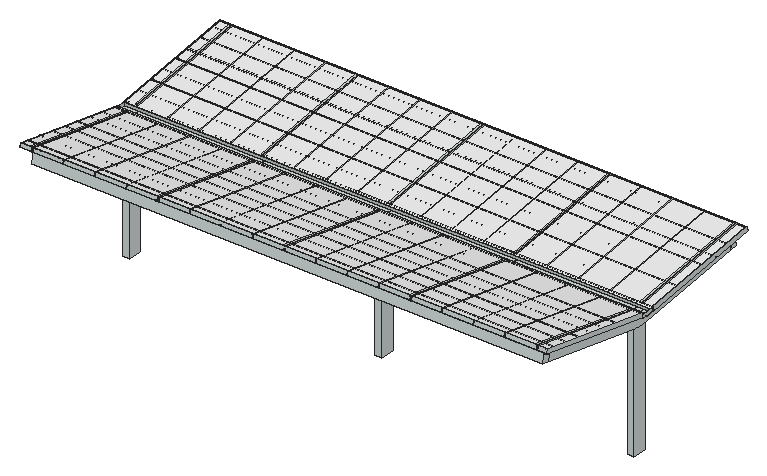
Revit family "Structures Unlimited Double Wing Canopy", category Generic Models, Revit 2018
Family settings
  Can host rebar = No
  Round Connector Dimension = Use Diameter
  Part Type = Normal
  Work Plane-Based = No
  Always vertical = Yes
  Cut with Voids When Loaded = No
  Shared = Yes
  Room Calculation Point = No
Parameters (values of type "KCRF Aluminum #79")
  Real Out To Out Of Box Beams Length [instance] = if(Out To Out Of Box Beams Length < 10' 0", 10' 0", if(Out To Out Of Box Beams Length > 200' 0", 200' 0", Out To Out Of Box Beams Length))  # 32' - 5"
  Out To Out Of Box Beams Span [instance] = 15' - 0"
  Vertical PD [instance] = (Real Out To Out Of Box Beams Span / 2 - 0' 0 1/2") / cos(Real Roof Pitch)  # 7' - 6.73393"
  URL = "https://www.structuresunlimitedinc.com/sui-3d-details/sui-double-wing-canopy-wide-column-spacing/"
  Roof Pitch [instance] = 9.46°
  Real Out To Out Of Box Beams Span [instance] = if(Out To Out Of Box Beams Span < 10' 0", 10' 0", if(Out To Out Of Box Beams Span > 24' 0", 24' 0", Out To Out Of Box Beams Span))  # 15' - 0"
  Real Roof Pitch [instance] = if(Roof Pitch < 9.46°, 9.46°, if(Roof Pitch > 45.00°, 45.00°, Roof Pitch))  # 9.46°
  Real Column Height [instance] = if(Column Height < 2' 0", 2' 0", if(Column Height > 12' 0", 12' 0", Column Height))  # 8' - 0"
  Center To Center Of Beams [instance] = Real Out To Out Of Box Beams Length - Beam Width  # 32' - 0"
  Panel Offset [instance] = (Real Out To Out Of Box Beams Span / 2 - 0' 5 1/2") / cos(Real Roof Pitch)  # 7' - 1.66499"
  Outside Of Column [instance] = Beam Height / 2  # 0' - 5"
  Outer Girder Length [instance] = Center To Center Of Beams + Beam Width  # 32' - 5"
  Out To Out Of Box Beams Length [instance] = 32' - 5"
  Number Of Intmdt Rafters [instance] = if(Column Spacing = Bay Spacing, Number Of Columns, Number Of Columns * 2 - 1)  # 5
  Number Of Columns [instance] = if((Center To Center Of Beams / Real Nominal Column Spacing) > 1, roundup(Center To Center Of Beams / Real Nominal Column Spacing) + 1, 2)  # 3
  Number Of Bays [instance] = Number Of Intmdt Rafters - 1  # 4
  Real Nominal Column Spacing [instance] = if(Nominal Column Spacing < 5' 0", 5' 0", if(Nominal Column Spacing > 20' 0", 20' 0", Nominal Column Spacing))  # 16' - 0"
  Nominal Column Spacing [instance] = 16' - 0"
  Model = "Double Wing Canopy"
  Manufacturer = "Structures Unlimited, Inc."
  Horizontal PD [instance] = Center To Center Of Beams + Beam Width + 1' 0"  # 33' - 5"
  Horizontal Grid Spacing [instance] = Bay Spacing / Grids Per Bay  # 2' - 0"
  Half Beam Width [instance] = Beam Width / 2  # 0' - 2 1/2"
  Grids Per Bay [instance] = Bay Spacing / 2' 0"  # 4
  Even Number Of Bays [instance] = roundup(Number Of Bays / 2) = rounddown(Number Of Bays / 2)  # yes
  Even Horizontal Grids Real [instance] = if(Even Number Of Bays, Even Number Of Bays, Even Horizontal Grids)  # yes
  Even Horizontal Grids [instance] = roundup(Grids Per Bay / 2) = rounddown(Grids Per Bay / 2)  # yes
  Column Spacing [instance] = Center To Center Of Beams / (Number Of Columns - 1)  # 16' - 0"
  Column Height [instance] = 8' - 0"
  Center Of Canopy [instance] = Center To Center Of Beams / 2  # 16' - 0"
  Center Girder Length [instance] = Center To Center Of Beams - Beam Width  # 31' - 7"
  KCRF = KCRF Aluminum #79
  Beam Width [instance] = 0' - 5"  # constant formula
  Beam Height [instance] = 0' - 10"  # constant formula
  Bay Spacing [instance] = if(Column Spacing > 10' 0", Column Spacing * 0.5, Column Spacing)  # 8' - 0"
Reference planes (in)
  plane 1 "Center (Front/Back)": y = 0
  plane 2: z = 0
  plane 3 "Center (Left/Right)": x = 0
  plane 4: z = 0
  plane 5: z = 96
  plane 6: x = 192
  plane 7: y = -90
  plane 8 "Front Roof Plane": through (0, 515.17994, 136.8903) normal (0, 0.1644, 0.9864)
  plane 9: y = 90
  plane 10 "Back Roof Plane": through (0, 649.65578, 363.85422) normal (0, -0.1644, 0.9864)
Lines and regions (in)
  reference lines
    curve 1: line (0, 0, 96) -> (0, -182.48411, 126.40642)
    curve 2: line (0, 0, 96) -> (0, 263.0281, 139.82706)
    curve 3: line (0, 90, 110.99625) -> (0, 110.70924, -13.29022)
    curve 4: line (0, -90, 110.99625) -> (0, -111.69539, -19.20863)
    curve 5: line (0, 71.30093, -297.98786) -> (0, 44.83913, -139.17736)
    curve 6: line (0, -44.54178, -137.3928) -> (0, -70.34614, -292.25769)
Dimensions and locks (in)
  "Real Column Height": plane 5 to plane 4
  "Center Of Canopy": plane 3 "Center (Left/Right)" to plane 6
  equal spacing: plane 7, plane 1 "Center (Front/Back)", plane 9
  "Real Out To Out Of Box Beams Span": plane 7 to plane 9
  locked: plane 1 "Center (Front/Back)" to curve 1 at 0
  locked: curve 1 to plane 5
  locked: curve 3 to plane 9 at 0
  locked: plane 7 to curve 4
  "Half Beam Width": plane 3 "Center (Left/Right)" to nested 1
  "Panel Offset": curve 3 to curve 5
  "Panel Offset": curve 6 to curve 4
  "Real Roof Pitch": angle plane 2 to plane 8 "Front Roof Plane"
  "Real Roof Pitch": angle plane 5 to curve 1
  "Real Roof Pitch": angle curve 2 to plane 5
  "Real Roof Pitch": angle plane 10 "Back Roof Plane" to plane 2
  locked: curve 3 to curve 2 (angle 90.00°)
  locked: curve 1 to curve 4 (angle 90.00°)
  "Real Roof Pitch": angle plane 1 "Center (Front/Back)" to curve 6
  "Real Roof Pitch": angle curve 5 to plane 1 "Center (Front/Back)"
  aligned and locked: plane 2 to level
  aligned and locked: nested 3 to plane 6
  aligned and locked: nested 2 to plane 6
  aligned and locked: plane 6 to nested 4
  aligned and locked: plane 1 "Center (Front/Back)" to nested 4
  aligned and locked: plane 5 to nested 4
  aligned and locked: plane 1 "Center (Front/Back)" to nested 1
  aligned and locked: curve 2 to nested 3
  aligned and locked: nested 3 to curve 3
  aligned and locked: nested 2 to curve 1
  aligned and locked: nested 2 to curve 4
  aligned and locked: plane 5 to nested 1
  aligned and locked: curve 1 to nested 6
  aligned and locked: nested 5 to curve 2
  aligned and locked: plane 6 to nested 5
  aligned and locked: nested 6 to plane 6
  aligned and locked: curve 5 to nested 5
  aligned and locked: nested 6 to curve 6
  aligned and locked: plane 1 "Center (Front/Back)" to nested 7
  aligned and locked: nested 7 to plane 3 "Center (Left/Right)"
  aligned and locked: plane 4 to nested 7
  aligned and locked: nested 8 to plane 3 "Center (Left/Right)"
  aligned and locked: plane 1 "Center (Front/Back)" to nested 8
  aligned and locked: plane 4 to nested 8
  aligned and locked: plane 4 to plane 2
Automatic sketch dimensions
  curve 5 to plane 9 = 1' - 6.69907"
  curve 5 to curve 6 = 0' - 1.78457"
Nested families (in)
  nested 1: "Double Wing Canopy Girders" at (192, 0, 86), Beam Height <- "Beam Height", Beam Width <- "Beam Width", CRF <- "KCRF", Girder Length <- "Center Girder Length", type "Double Wing Canopy Girders"
    with Girder Length 31' - 7", CRF KCRF Aluminum #79, Beam Width 0' - 5", Beam Height 0' - 10"
  nested 2: "Double Wing Canopy Girders" at (192, -89.17759, 100.72135) x (-1, 0, 0) z (0, 0.1644, 0.9864), Beam Height <- "Beam Height", Beam Width <- "Beam Width", CRF <- "KCRF", Girder Length <- "Outer Girder Length", type "Double Wing Canopy Girders"
    with Girder Length 32' - 5", CRF KCRF Aluminum #79, Beam Width 0' - 5", Beam Height 0' - 10"
  nested 3: "Double Wing Canopy Girders" at (192, 89.17759, 100.72135) x (-1, 0, 0) z (0, -0.1644, 0.9864), Beam Height <- "Beam Height", Beam Width <- "Beam Width", CRF <- "KCRF", Girder Length <- "Outer Girder Length", type "Double Wing Canopy Girders"
    with Girder Length 32' - 5", CRF KCRF Aluminum #79, Beam Width 0' - 5", Beam Height 0' - 10"
  nested 4: "Double Wing Canopy Gutter" at (192, 0, 96), Beam Width <- "Beam Width", Center To Center Of Beams <- "Center To Center Of Beams", Roof Pitch <- "Real Roof Pitch", CRF <- "KCRF", type "Double Wing Canopy Gutter"
    with Roof Pitch 9.46°, Gutter Length 33' - 5", Center To Center Of Beams 32' - 0", CRF KCRF Aluminum #79, Beam Width 0' - 5"
  nested 5: "Double Wing Canopy Roof Panels" at (192, 5.5, 96.91644) x (1, 0, 0) z (0, -0.1644, 0.9864), Bay Spacing <- "Bay Spacing", CRF <- "KCRF", Horizontal PD <- "Horizontal PD", Vertical PD <- "Vertical PD", Even Bays <- "Even Number Of Bays", Horizontal Grid Spacing <- "Horizontal Grid Spacing", Even Grids <- "Even Horizontal Grids Real", type "Double Wing Canopy Roof Panels"
    with Vertical PD 7' - 6.73393", Vertical Grid Spacing 1' - 0", Panel Skin Thickness 0' - 0.063", Panel Angle 90.00°, Overlap Width 0' - 1 3/4", Overlap Offset 0' - 0 7/8", IBeam Width 0' - 0 1/2", IBeam Thickness 0' - 2 5/8", Horizontal PD 33' - 5", Horizontal Grid Spacing 2' - 0", Half IBeam Width 0' - 0 1/4", Half Horizontal PD 16' - 8 1/2", Grid Offset 0' - 0", Even Grids yes, Even Bays yes, CRF KCRF Aluminum #79, Bay Spacing 8' - 0", Batten Width 0' - 2", Batten Thickness 0' - 0 1/8", Batten Offset 0' - 0"
  nested 6: "Double Wing Canopy Roof Panels" at (192, -5.5, 96.91644) x (-1, 0, 0) z (0, 0.1644, 0.9864), Bay Spacing <- "Bay Spacing", CRF <- "KCRF", Horizontal PD <- "Horizontal PD", Vertical PD <- "Vertical PD", Even Bays <- "Even Number Of Bays", Horizontal Grid Spacing <- "Horizontal Grid Spacing", Even Grids <- "Even Horizontal Grids Real", type "Double Wing Canopy Roof Panels"
    with Vertical PD 7' - 6.73393", Vertical Grid Spacing 1' - 0", Panel Skin Thickness 0' - 0.063", Panel Angle 90.00°, Overlap Width 0' - 1 3/4", Overlap Offset 0' - 0 7/8", IBeam Width 0' - 0 1/2", IBeam Thickness 0' - 2 5/8", Horizontal PD 33' - 5", Horizontal Grid Spacing 2' - 0", Half IBeam Width 0' - 0 1/4", Half Horizontal PD 16' - 8 1/2", Grid Offset 0' - 0", Even Grids yes, Even Bays yes, CRF KCRF Aluminum #79, Bay Spacing 8' - 0", Batten Width 0' - 2", Batten Thickness 0' - 0 1/8", Batten Offset 0' - 0"
  nested 7: "Double Wing Canopy Columns" at (0, 0, 0) x (0, -1, 0) z (0, 0, 1), CRF <- "KCRF", Beam Height <- "Beam Height", Beam Width <- "Beam Width", CTR 2 CTR Of Beams <- "Center To Center Of Beams", Column Height <- "Real Column Height", Column Spacing <- "Column Spacing", Roof Pitch <- "Real Roof Pitch", Width Of Canopy <- "Real Out To Out Of Box Beams Span", type "Double Wing Canopy Columns"
    with Width Of Canopy 15' - 0", Void Width 15' - 7", Void Offset 8' - 0", Roof Pitch 9.46°, Half Beam Width 0' - 2 1/2", Column Spacing 16' - 0", Column Height 8' - 0", CTR 2 CTR Of Beams 32' - 0", CRF KCRF Aluminum #79, Beam Width 0' - 5", Beam Height 0' - 10"
  nested 8: "Double Wing Canopy Rafters" at (0, 0, 0) x (0, -1, 0) z (0, 0, 1), CRF <- "KCRF", Beam Height <- "Beam Height", Beam Width <- "Beam Width", CTR 2 CTR Of Beams <- "Center To Center Of Beams", Column Height <- "Real Column Height", Column Spacing <- "Bay Spacing", Roof Pitch <- "Real Roof Pitch", Width Of Canopy <- "Real Out To Out Of Box Beams Span", type "Double Wing Canopy Rafters"
    with Width Of Canopy 15' - 0", Void Width 7' - 7", Void Offset 4' - 0", Roof Pitch 9.46°, Half Beam Width 0' - 2 1/2", Column Spacing 8' - 0", Column Height 8' - 0", CTR 2 CTR Of Beams 32' - 0", CRF KCRF Aluminum #79, Beam Width 0' - 5", Beam Height 0' - 10"
Definition of nested family "Double Wing Canopy Girders"
  Parameters (values of type "Double Wing Canopy Girders")
    Girder Length [instance] = 17' - 1"
    Default Elevation = 4' - 0"
    CRF [instance] = none
    Beam Width [instance] = 0' - 5"
    Beam Height [instance] = 0' - 10"
  Reference planes (in)
    plane 1 "Center (Front/Back)": y = 0
    plane 2: z = 0
    plane 3 "Center (Left/Right)": x = 0
    plane 4: x = -102.5
    plane 5: x = 102.5
    plane 6: y = -2.5
    plane 7: y = 2.5
    plane 8: z = 10
  Forms (in)
    Extrusion 1, solid, material <- "CRF"
      sketch origin (0, 0, 0) x (0, 1, 0) y (0, 0, 1)
        loop
          line (2.5, 10) -> (-2.5, 10) -> (-2.5, 0) -> (2.5, 0) -> (2.5, 10)
      from -102.5 to 102.5
  Dimensions and locks (in)
    equal spacing: plane 7, plane 1 "Center (Front/Back)", plane 6
    equal spacing: plane 4, plane 3 "Center (Left/Right)", plane 5
    "Beam Width": plane 7 to plane 6
    "Girder Length": plane 4 to plane 5
    "Beam Height": plane 8 to plane 2
    aligned and locked: level to plane 2
    aligned and locked: Extrusion 1 sketch curve to plane 8
    aligned and locked: plane 6 to Extrusion 1 sketch curve
    aligned and locked: Extrusion 1 sketch curve to plane 7
    aligned and locked: plane 2 to Extrusion 1 sketch curve
    aligned and locked: Extrusion 1 to plane 4
    aligned and locked: plane 5 to Extrusion 1
Definition of nested family "Double Wing Canopy Gutter"
  Parameters (values of type "Double Wing Canopy Gutter")
    Roof Pitch [instance] = 15.00°
    Gutter Length [instance] = Center To Center Of Beams + Beam Width + 1' 0"  # 34' - 9"
    Center To Center Of Beams [instance] = 33' - 4"
    CRF [instance] = none
    Beam Width [instance] = 0' - 5"
  Reference planes (in)
    plane 1 "Center (Front/Back)": y = 0
    plane 2: z = 0
    plane 3 "Center (Left/Right)": x = 0
    plane 4: x = -208.5
    plane 5: x = 208.5
    plane 6: y = 5.5
    plane 7: y = -5.5
  Forms (in)
    Extrusion 1, solid, material <- "CRF"
      sketch origin (0, 0, 0) x (0, 1, 0) y (0, 0, 1)
        loop
          line (6.49828, 1.6118) -> (6.46593, 1.73254) -> (0, 0) -> (-6.46593, 1.73254) -> (-6.49828, 1.6118) -> (0, -0.12941) -> (6.49828, 1.6118)
      from -208.5 to 208.5
    Extrusion 2, solid, material <- "CRF"
      sketch origin (0, 0, 0) x (0, 1, 0) y (0, 0, 1)
        loop
          line (3.93037, 1.05314) -> (3.26715, 3.52832) -> (4.83678, 3.94891) -> (4.80442, 4.06965) -> (3.11405, 3.61671) -> (3.77728, 1.14153) -> (0, 0.12941) -> (-3.77728, 1.14153) -> (-3.11405, 3.61671) -> (-4.80442, 4.06965) -> (-4.83678, 3.94891) -> (-3.26715, 3.52832) -> (-3.93037, 1.05314) -> (0, 0) -> (3.93037, 1.05314)
      from -208.375 to 208.375
    Extrusion 3, solid, material <- "CRF"
      sketch origin (0, 0, 0) x (0, 1, 0) y (0, 0, 1)
        loop
          line (4.80442, 4.06965) -> (0, 2.7823) -> (-4.80442, 4.06965) -> (-5.5, 1.47372) -> (0, 0) -> (5.5, 1.47372) -> (4.80442, 4.06965)
      from 208.375 to 208.5
    Extrusion 4, solid, material <- "CRF"
      sketch origin (0, 0, 0) x (0, 1, 0) y (0, 0, 1)
        loop
          line (5.5, 1.47372) -> (4.80442, 4.06965) -> (0, 2.7823) -> (-4.80442, 4.06965) -> (-5.5, 1.47372) -> (0, 0) -> (5.5, 1.47372)
      from -208.5 to -208.375
  Lines and regions (in)
    reference lines
      curve 1: line (0, 0, 0) -> (0, -66.64888, 17.85851)
      curve 2: line (0, 0, 0) -> (0, 52.15999, 13.97623)
      curve 3: line (0, 5.5, 1.47372) -> (0, 21.28796, -57.44775)
      curve 4: line (0, -5.5, 1.47372) -> (0, -21.02914, -56.48183)
  Dimensions and locks (in)
    equal spacing: plane 4, plane 3 "Center (Left/Right)", plane 5
    "Gutter Length": plane 4 to plane 5
    equal spacing: plane 6, plane 1 "Center (Front/Back)", plane 7
    locked: plane 6 to plane 1 "Center (Front/Back)" at 5.5
    locked: curve 1 to plane 2 at 0
    locked: plane 1 "Center (Front/Back)" to curve 1 at 0
    locked: curve 3 to plane 6 at 0
    locked: plane 7 to curve 4 at 0
    locked: curve 4 to Extrusion 1 sketch curve at 1
    locked: Extrusion 1 sketch curve to curve 3 at 1
    locked: curve 2 to Extrusion 1 sketch curve at 0.125
    locked: curve 1 to Extrusion 1 sketch curve at 0.125
    locked: Extrusion 2 sketch curve to curve 2 at 0.125
    locked: curve 1 to Extrusion 2 sketch curve at 0.125
    locked: Extrusion 2 sketch curve to curve 2 at 2.6875
    locked: curve 1 to Extrusion 2 sketch curve at 2.6875
    locked: Extrusion 2 sketch curve to Extrusion 2 sketch curve at 0.125  (x4)
    locked: curve 3 to Extrusion 2 sketch curve at 1.75
    locked: Extrusion 2 sketch curve to curve 4 at 1.75
    locked: Extrusion 3 sketch curve to curve 2 at 2.6875
    locked: curve 1 to Extrusion 3 sketch curve at 2.6875
    locked: Extrusion 3 to plane 5 at 0.125
    locked: Extrusion 4 sketch curve to curve 2 at 2.6875
    locked: curve 1 to Extrusion 4 sketch curve at 2.6875
    locked: plane 4 to Extrusion 4 at 0.125
    locked: plane 4 to Extrusion 2 at 0.125
    locked: Extrusion 2 to plane 5 at 0.125
    "Roof Pitch": angle plane 2 to curve 1
    "Roof Pitch": angle curve 2 to plane 2
    locked: curve 1 to curve 4 (angle 90.00°)
    locked: curve 3 to curve 2 (angle 90.00°)
    aligned and locked: plane 2 to level
    aligned and locked: Extrusion 1 sketch curve to curve 2
    aligned and locked: Extrusion 1 sketch curve to curve 1
    aligned and locked: Extrusion 1 to plane 4
    aligned and locked: plane 5 to Extrusion 1
    aligned and locked: Extrusion 2 sketch curve to curve 2
    aligned and locked: Extrusion 2 sketch curve to curve 1
    aligned and locked: Extrusion 2 sketch curve to curve 3
    aligned and locked: curve 4 to Extrusion 2 sketch curve
    aligned and locked: curve 3 to Extrusion 3 sketch curve
    aligned and locked: curve 2 to Extrusion 3 sketch curve
    aligned and locked: Extrusion 3 sketch curve to curve 1
    aligned and locked: Extrusion 3 sketch curve to curve 4
    aligned and locked: plane 5 to Extrusion 3
    aligned and locked: Extrusion 4 sketch curve to curve 2
    aligned and locked: Extrusion 4 sketch curve to curve 3
    aligned and locked: Extrusion 4 sketch curve to curve 1
    aligned and locked: Extrusion 4 sketch curve to curve 4
    aligned and locked: Extrusion 4 to plane 4
Definition of nested family "Double Wing Canopy Roof Panels"
  Parameters (values of type "Double Wing Canopy Roof Panels")
    Vertical PD [instance] = 14' - 7"
    Vertical Grid Spacing [instance] = 1' - 0"  # constant formula
    Panel Skin Thickness [instance] = 0' - 0.063"  # constant formula
    Panel Angle [instance] = 90.00°
    Overlap Width [instance] = 0' - 1 3/4"  # constant formula
    Overlap Offset [instance] = Overlap Width / 2  # 0' - 0 7/8"
    IBeam Width [instance] = 0' - 0 1/2"  # constant formula
    IBeam Thickness [instance] = 0' - 2 5/8"  # constant formula
    Horizontal PD [instance] = 50' - 0"
    Horizontal Grid Spacing [instance] = 2' - 0"
    Half IBeam Width [instance] = IBeam Width / 2  # 0' - 0 1/4"
    Half Horizontal PD [instance] = Horizontal PD / 2  # 25' - 0"
    Grid Offset [instance] = if(Even Grids, 0' 0", Horizontal Grid Spacing / 2)  # 1' - 0"
    Even Grids [instance] = no
    Even Bays [instance] = yes
    Default Elevation = 4' - 0"
    CRF [instance] = none
    Bay Spacing [instance] = 8' - 0"
    Batten Width [instance] = 0' - 2"  # constant formula
    Batten Thickness [instance] = 0' - 0 1/8"  # constant formula
    Batten Offset [instance] = if(Even Bays, 0' 0", Bay Spacing / 2)  # 0' - 0"
  Reference planes (in)
    plane 1 "Center (Front/Back)": y = 0
    plane 2: z = 0
    plane 3 "Center (Left/Right)": x = 0
    plane 4 "Left Panel": x = -300
    plane 5 "Right Panel": x = 300
    plane 6: z = 0.063
    plane 7: z = 2.688
    plane 8: z = 2.751
    plane 9: y = -1.75
    plane 10 "Left Outside": x = -2000
    plane 11 "Right Outside": x = 2000
    plane 12: y = 0.25
    plane 13 "Max Top PD": y = 1080
    plane 14 "Max Left PD": x = -1976
    plane 15 "Max Right PD": x = 1976
    plane 16 "Top Outside": y = 1104
    plane 17: x = -36
    plane 18: x = -60
    plane 19: x = -84
    plane 20: x = -108
    plane 21: x = -132
    plane 22: x = -156
    plane 23: x = -180
    plane 24: x = -204
    plane 25: x = 12
    plane 26: x = 36
    plane 27: x = 60
    plane 28: x = 84
    plane 29: x = 108
    plane 30: x = 132
    plane 31: x = 156
    plane 32: x = 180
    plane 33: x = 204
    plane 34: x = -228
    plane 35: x = -252
    plane 36: x = 228
    plane 37: x = -276
    plane 38: x = -300
    plane 39: x = -324
    plane 40: x = -348
    plane 41: x = -372
    plane 42: x = -396
    plane 43: x = -420
    plane 44: x = 252
    plane 45: x = 276
    plane 46: x = 300
    plane 47: x = 324
    plane 48: x = 348
    plane 49: x = 372
    plane 50: x = 396
    plane 51: y = 12.25
    plane 52: y = 24.25
    plane 53: y = 36.25
    plane 54: y = 48.25
    plane 55: y = 60.25
    plane 56: y = 72.25
    plane 57: y = 84.25
    plane 58: y = 96.25
    plane 59: y = 108.25
    plane 60: z = 2.876
    plane 61: z = -0.125
    plane 62 "Bot Max": y = -36
    plane 63 "Bot Outside": y = -48
    plane 64: x = -444
    plane 65: x = -468
    plane 66: x = 420
    plane 67: x = 444
    plane 68: y = 120.25
    plane 69: y = 132.25
    plane 70: y = 144.25
    plane 71: y = 156.25
    plane 72: y = 168.25
    plane 73: y = 180.25
    plane 74: y = 192.25
    plane 75: y = 204.25
    plane 76: y = 216.25
    plane 77: y = 228.25
    plane 78: y = 240.25
    plane 79: y = 252.25
    plane 80: y = 264.25
    plane 81: y = 276.25
    plane 82: y = 288.25
    plane 83: y = 300.25
    plane 84: y = 312.25
    plane 85: y = 324.25
    plane 86: y = 336.25
    plane 87: y = 348.25
    plane 88: y = 360.25
    plane 89: y = 372.25
    plane 90: y = 384.25
    plane 91: y = 396.25
    plane 92: y = 408.25
    plane 93: y = 420.25
    plane 94: y = 432.25
    plane 95: y = 444.25
    plane 96: y = 456.25
    plane 97: y = 468.25
    plane 98: y = 480.25
    plane 99: y = 492.25
    plane 100: y = 504.25
    plane 101: y = 516.25
    plane 102: y = 528.25
    plane 103: x = -492
    plane 104: x = -516
    plane 105: x = -540
    plane 106: x = -564
    plane 107: x = -588
    plane 108: x = -612
    plane 109: x = -636
    plane 110: x = -660
    plane 111: x = -684
    plane 112: x = -708
    plane 113: x = -732
    plane 114: x = -756
    plane 115: x = 468
    plane 116: x = 492
    plane 117: x = 540
    plane 118: x = 516
    plane 119: x = 564
    plane 120: x = 588
    plane 121: x = 636
    plane 122: x = 612
    plane 123: x = 660
    plane 124: x = 684
    plane 125: x = 708
    plane 126: x = 732
    plane 127: y = 540.25
    plane 128: y = 552.25
    plane 129: y = 564.25
    plane 130: y = 576.25
    plane 131: y = 588.25
    plane 132: y = 600.25
    plane 133: y = 612.25
    plane 134: y = 624.25
    plane 135: y = 636.25
    plane 136: y = 648.25
    plane 137: y = 660.25
    plane 138: y = 684.25
    plane 139: y = 696.25
    plane 140: y = 672.25
    plane 141: y = 708.25
    plane 142: y = 720.25
    plane 143: y = 744.25
    plane 144: y = 732.25
    plane 145: y = 768.25
    plane 146: y = 756.25
    plane 147: y = 780.25
    plane 148: y = 804.25
    plane 149: y = 792.25
    plane 150: y = 816.25
    plane 151: y = 828.25
    plane 152: y = 840.25
    plane 153: y = 852.25
    plane 154: y = 864.25
    plane 155: y = 876.25
    plane 156: y = 888.25
    plane 157: y = 900.25
    plane 158: y = 912.25
    plane 159: y = 936.25
    plane 160: y = 948.25
    plane 161: y = 960.25
    plane 162: y = 924.25
    plane 163: x = -780
    plane 164: x = -804
    plane 165: x = -828
    plane 166: x = -852
    plane 167: x = -876
    plane 168: x = -900
    plane 169: x = -924
    plane 170: x = -948
    plane 171: x = -972
    plane 172: x = 756
    plane 173: x = 780
    plane 174: x = 804
    plane 175: x = 828
    plane 176: x = 852
    plane 177: x = 876
    plane 178: x = 900
    plane 179: x = 924
    plane 180: x = 948
    plane 181: x = -996
    plane 182: x = -1020
    plane 183: x = -1044
    plane 184: x = -1068
    plane 185: x = 972
    plane 186: x = 996
    plane 187: x = 1020
    plane 188: x = 1044
    plane 189: x = -1092
    plane 190: x = -1116
    plane 191: x = -1140
    plane 192: x = -1164
    plane 193: x = 1068
    plane 194: x = 1092
    plane 195: x = 1116
    plane 196: x = 1140
    plane 197: x = -1188
    plane 198: x = -1212
    plane 199: x = -1236
    plane 200: x = 1188
    plane 201: x = 1164
    plane 202: x = 1212
    plane 203: y = 175.25
    plane 204: x = -1152
    plane 205: x = -1056
    plane 206: x = -960
    plane 207: x = -864
    plane 208: x = -768
    plane 209: x = -672
    plane 210: x = -576
    plane 211: x = -480
    plane 212: x = -384
    plane 213: x = -288
    plane 214: x = -192
    plane 215: x = -96
    plane 216: x = 0
    plane 217: x = 96
    plane 218: x = 192
    plane 219: x = 288
    plane 220: x = 384
    plane 221: x = 480
    plane 222: x = 576
    plane 223: x = 672
    plane 224: x = 768
    plane 225: x = 864
    plane 226: x = 960
    plane 227: x = 1056
    plane 228: x = 1152
    plane 229: x = 1248
    plane 230: x = -12
  Forms (in)
    Extrusion 1, solid
      sketch origin (0, 0, 0) x (1, 0, 0) y (0, 1, 0)
        loop
          line (1976, 0) -> (1976, 1080) -> (-1976, 1080) -> (-1976, 0) -> (1976, 0)
      from 0.063 to 0
    Extrusion 2, solid
      sketch origin (0, 0, 0) x (1, 0, 0) y (0, 1, 0)
        loop
          line (1976, -1.75) -> (1976, 1080) -> (-1976, 1080) -> (-1976, -1.75) -> (1976, -1.75)
      from 2.688 to 2.751
    Sweep 3, solid
      path origin (0, 0, 0) x (1, 0, 0) y (0, 1, 0)
        loop
          line (1976, 1080) -> (1976, 0.25) -> (1212, 0.25) -> (1212, 1080) -> (1188, 1080) -> (1188, 0.25) -> (1164, 0.25) -> (1164, 1080) -> (1140, 1080) -> (1140, 0.25) -> (1116, 0.25) -> (1116, 1080) -> (1092, 1080) -> (1092, 0.25) -> (1068, 0.25) -> (1068, 1080) -> (1044, 1080) -> (1044, 0.25) -> (1020, 0.25) -> (1020, 1080) -> (996, 1080) -> (996, 0.25) -> (972, 0.25) -> (972, 1080) -> (948, 1080) -> (948, 0.25) -> (924, 0.25) -> (924, 1080) -> (900, 1080) -> (900, 0.25) -> (876, 0.25) -> (876, 1080) -> (852, 1080) -> (852, 0.25) -> (828, 0.25) -> (828, 1080) -> (804, 1080) -> (804, 0.25) -> (780, 0.25) -> (780, 1080) -> (756, 1080) -> (756, 0.25) -> (732, 0.25) -> (732, 1080) -> (708, 1080) -> (708, 0.25) -> (684, 0.25) -> (684, 1080) -> (660, 1080) -> (660, 0.25) -> (636, 0.25) -> (636, 1080) -> (612, 1080) -> (612, 0.25) -> (588, 0.25) -> (588, 1080) -> (564, 1080) -> (564, 0.25) -> (540, 0.25) -> (540, 1080) -> (516, 1080) -> (516, 0.25) -> (492, 0.25) -> (492, 1080) -> (468, 1080) -> (468, 0.25) -> (444, 0.25) -> (444, 1080) -> (420, 1080) -> (420, 0.25) -> (396, 0.25) -> (396, 1080) -> (372, 1080) -> (372, 0.25) -> (348, 0.25) -> (348, 1080) -> (324, 1080) -> (324, 0.25) -> (300, 0.25) -> (300, 1080) -> (276, 1080) -> (276, 0.25) -> (252, 0.25) -> (252, 1080) -> (228, 1080) -> (228, 0.25) -> (204, 0.25) -> (204, 1080) -> (180, 1080) -> (180, 0.25) -> (156, 0.25) -> (156, 1080) -> (132, 1080) -> (132, 0.25) -> (108, 0.25) -> (108, 1080) -> (84, 1080) -> (84, 0.25) -> (60, 0.25) -> (60, 1080) -> (36, 1080) -> (36, 0.25) -> (12, 0.25) -> (12, 1080) -> (-12, 1080) -> (-12, 0.25) -> (-36, 0.25) -> (-36, 1080) -> (-60, 1080) -> (-60, 0.25) -> (-84, 0.25) -> (-84, 1080) -> (-108, 1080) -> (-108, 0.25) -> (-132, 0.25) -> (-132, 1080) -> (-156, 1080) -> (-156, 0.25) -> (-180, 0.25) -> (-180, 1080) -> (-204, 1080) -> (-204, 0.25) -> (-228, 0.25) -> (-228, 1080) -> (-252, 1080) -> (-252, 0.25) -> (-276, 0.25) -> (-276, 1080) -> (-300, 1080) -> (-300, 0.25) -> (-324, 0.25) -> (-324, 1080) -> (-348, 1080) -> (-348, 0.25) -> (-372, 0.25) -> (-372, 1080) -> (-396, 1080) -> (-396, 0.25) -> (-420, 0.25) -> (-420, 1080) -> (-444, 1080) -> (-444, 0.25) -> (-468, 0.25) -> (-468, 1080) -> (-492, 1080) -> (-492, 0.25) -> (-516, 0.25) -> (-516, 1080) -> (-540, 1080) -> (-540, 0.25) -> (-564, 0.25) -> (-564, 1080) -> (-588, 1080) -> (-588, 0.25) -> (-612, 0.25) -> (-612, 1080) -> (-636, 1080) -> (-636, 0.25) -> (-660, 0.25) -> (-660, 1080) -> (-684, 1080) -> (-684, 0.25) -> (-708, 0.25) -> (-708, 1080) -> (-732, 1080) -> (-732, 0.25) -> (-756, 0.25) -> (-756, 1080) -> (-780, 1080) -> (-780, 0.25) -> (-804, 0.25) -> (-804, 1080) -> (-828, 1080) -> (-828, 0.25) -> (-852, 0.25) -> (-852, 1080) -> (-876, 1080) -> (-876, 0.25) -> (-900, 0.25) -> (-900, 1080) -> (-924, 1080) -> (-924, 0.25) -> (-948, 0.25) -> (-948, 1080) -> (-972, 1080) -> (-972, 0.25) -> (-996, 0.25) -> (-996, 1080) -> (-1020, 1080) -> (-1020, 0.25) -> (-1044, 0.25) -> (-1044, 1080) -> (-1068, 1080) -> (-1068, 0.25) -> (-1092, 0.25) -> (-1092, 1080) -> (-1116, 1080) -> (-1116, 0.25) -> (-1140, 0.25) -> (-1140, 1080) -> (-1164, 1080) -> (-1164, 0.25) -> (-1188, 0.25) -> (-1188, 1080) -> (-1212, 1080) -> (-1212, 0.25) -> (-1236, 0.25) -> (-1236, 1080) -> (-1976, 1080) -> (-1976, 0.25)
      profile origin (-1976, 540.125, 0) x (1, 0, 0) y (0, 0, 1)
        loop
          line (0.25, 0.063) -> (0.25, 2.688) -> (-0.25, 2.688) -> (-0.25, 0.063) -> (0.25, 0.063)
    Sweep 4, solid
      path origin (0, 0, 0) x (1, 0, 0) y (0, 1, 0)
        loop
          line (1976, 1080) -> (-1976, 1080) -> (-1976, 960.25) -> (1976, 960.25) -> (1976, 948.25) -> (-1976, 948.25) -> (-1976, 936.25) -> (1976, 936.25) -> (1976, 924.25) -> (-1976, 924.25) -> (-1976, 912.25) -> (1976, 912.25) -> (1976, 900.25) -> (-1976, 900.25) -> (-1976, 888.25) -> (1976, 888.25) -> (1976, 876.25) -> (-1976, 876.25) -> (-1976, 864.25) -> (1976, 864.25) -> (1976, 852.25) -> (-1976, 852.25) -> (-1976, 840.25) -> (1976, 840.25) -> (1976, 828.25) -> (-1976, 828.25) -> (-1976, 816.25) -> (1976, 816.25) -> (1976, 804.25) -> (-1976, 804.25) -> (-1976, 792.25) -> (1976, 792.25) -> (1976, 780.25) -> (-1976, 780.25) -> (-1976, 768.25) -> (1976, 768.25) -> (1976, 756.25) -> (-1976, 756.25) -> (-1976, 744.25) -> (1976, 744.25) -> (1976, 732.25) -> (-1976, 732.25) -> (-1976, 720.25) -> (1976, 720.25) -> (1976, 708.25) -> (-1976, 708.25) -> (-1976, 696.25) -> (1976, 696.25) -> (1976, 684.25) -> (-1976, 684.25) -> (-1976, 672.25) -> (1976, 672.25) -> (1976, 660.25) -> (-1976, 660.25) -> (-1976, 648.25) -> (1976, 648.25) -> (1976, 636.25) -> (-1976, 636.25) -> (-1976, 624.25) -> (1976, 624.25) -> (1976, 612.25) -> (-1976, 612.25) -> (-1976, 600.25) -> (1976, 600.25) -> (1976, 588.25) -> (-1976, 588.25) -> (-1976, 576.25) -> (1976, 576.25) -> (1976, 564.25) -> (-1976, 564.25) -> (-1976, 552.25) -> (1976, 552.25) -> (1976, 540.25) -> (-1976, 540.25) -> (-1976, 528.25) -> (1976, 528.25) -> (1976, 516.25) -> (-1976, 516.25) -> (-1976, 504.25) -> (1976, 504.25) -> (1976, 492.25) -> (-1976, 492.25) -> (-1976, 480.25) -> (1976, 480.25) -> (1976, 468.25) -> (-1976, 468.25) -> (-1976, 456.25) -> (1976, 456.25) -> (1976, 444.25) -> (-1976, 444.25) -> (-1976, 432.25) -> (1976, 432.25) -> (1976, 420.25) -> (-1976, 420.25) -> (-1976, 408.25) -> (1976, 408.25) -> (1976, 396.25) -> (-1976, 396.25) -> (-1976, 384.25) -> (1976, 384.25) -> (1976, 372.25) -> (-1976, 372.25) -> (-1976, 360.25) -> (1976, 360.25) -> (1976, 348.25) -> (-1976, 348.25) -> (-1976, 336.25) -> (1976, 336.25) -> (1976, 324.25) -> (-1976, 324.25) -> (-1976, 312.25) -> (1976, 312.25) -> (1976, 300.25) -> (-1976, 300.25) -> (-1976, 288.25) -> (1976, 288.25) -> (1976, 276.25) -> (-1976, 276.25) -> (-1976, 264.25) -> (1976, 264.25) -> (1976, 252.25) -> (-1976, 252.25) -> (-1976, 240.25) -> (1976, 240.25) -> (1976, 228.25) -> (-1976, 228.25) -> (-1976, 216.25) -> (1976, 216.25) -> (1976, 204.25) -> (-1976, 204.25) -> (-1976, 192.25) -> (1976, 192.25) -> (1976, 180.25) -> (-1976, 180.25) -> (-1976, 168.25) -> (1976, 168.25) -> (1976, 156.25) -> (-1976, 156.25) -> (-1976, 144.25) -> (1976, 144.25) -> (1976, 132.25) -> (-1976, 132.25) -> (-1976, 120.25) -> (1976, 120.25) -> (1976, 108.25) -> (-1976, 108.25) -> (-1976, 96.25) -> (1976, 96.25) -> (1976, 84.25) -> (-1976, 84.25) -> (-1976, 72.25) -> (1976, 72.25) -> (1976, 60.25) -> (-1976, 60.25) -> (-1976, 48.25) -> (1976, 48.25) -> (1976, 36.25) -> (-1976, 36.25) -> (-1976, 24.25) -> (1976, 24.25) -> (1976, 12.25) -> (-1976, 12.25) -> (-1976, 0.25) -> (1976, 0.25)
      profile origin (0, 0.25, 0) x (0, 1, 0) y (0, 0, 1)
        loop
          line (-0.25, 2.688) -> (-0.25, 0.063) -> (0.25, 0.063) -> (0.25, 2.688) -> (-0.25, 2.688)
    Extrusion 5, void
      sketch origin (0, 0, 0) x (1, 0, 0) y (0, 1, 0)
        loop
          line (-300, -1.75) -> (-300, 175.25) -> (300, 175.25) -> (300, -1.75) -> (2000, -1.75) -> (2000, 1104) -> (-2000, 1104) -> (-2000, -1.75) -> (-300, -1.75)
      from -0.125 to 2.876
    Extrusion 6, void
      sketch origin (0, 0, 0) x (1, 0, 0) y (0, 1, 0)
        loop
          line (-2000, -48) -> (2000, -48) -> (2000, 0) -> (-2000, 0) -> (-2000, -48)
      from -0.125 to 2.876
    Sweep 7, solid, material <- "CRF"
      path origin (0, 0, 0) x (1, 0, 0) y (0, 1, 0)
        loop
          line (1976, 1079.125) -> (-1976, 1079.125) -> (-1976, 959.375) -> (1976, 959.375) -> (1976, 899.375) -> (-1976, 899.375) -> (-1976, 839.375) -> (1976, 839.375) -> (1976, 779.375) -> (-1976, 779.375) -> (-1976, 719.375) -> (1976, 719.375) -> (1976, 659.375) -> (-1976, 659.375) -> (-1976, 599.375) -> (1976, 599.375) -> (1976, 539.375) -> (-1976, 539.375) -> (-1976, 479.375) -> (1976, 479.375) -> (1976, 419.375) -> (-1976, 419.375) -> (-1976, 359.375) -> (1976, 359.375) -> (1976, 299.375) -> (-1976, 299.375) -> (-1976, 239.375) -> (1976, 239.375) -> (1976, 179.375) -> (-1976, 179.375) -> (-1976, 119.375) -> (1976, 119.375) -> (1976, 59.375) -> (-1976, 59.375)
      profile origin (0, 59.375, 0) x (0, -1, 0) y (0, 0, 1)
        loop
          line (-0.875, 2.688) -> (-0.875, -0.125) -> (0.875, -0.125) -> (0.875, 2.688) -> (-0.875, 2.688)
    Sweep 8, solid, material <- "CRF"
      path origin (0, 0, 0) x (1, 0, 0) y (0, 1, 0)
        loop
          line (1976, -36) -> (1976, 1080) -> (1248, 1080) -> (1248, -36) -> (1152, -36) -> (1152, 1080) -> (1056, 1080) -> (1056, -36) -> (960, -36) -> (960, 1080) -> (864, 1080) -> (864, -36) -> (768, -36) -> (768, 1080) -> (672, 1080) -> (672, -36) -> (576, -36) -> (576, 1080) -> (480, 1080) -> (480, -36) -> (384, -36) -> (384, 1080) -> (288, 1080) -> (288, -36) -> (192, -36) -> (192, 1080) -> (96, 1080) -> (96, -36) -> (0, -36) -> (0, 1080) -> (-96, 1080) -> (-96, -36) -> (-192, -36) -> (-192, 1080) -> (-288, 1080) -> (-288, -36) -> (-384, -36) -> (-384, 1080) -> (-480, 1080) -> (-480, -36) -> (-576, -36) -> (-576, 1080) -> (-672, 1080) -> (-672, -36) -> (-768, -36) -> (-768, 1080) -> (-864, 1080) -> (-864, -36) -> (-960, -36) -> (-960, 1080) -> (-1056, 1080) -> (-1056, -36) -> (-1152, -36) -> (-1152, 1080) -> (-1976, 1080) -> (-1976, -36)
      profile origin (-1976, 522, 0) x (1, 0, 0) y (0, 0, 1)
        loop
          line (-1, 2.876) -> (-1, -0.125) -> (1, -0.125) -> (1, 2.876) -> (-1, 2.876)
    Sweep 9, solid, material <- "CRF"
      path origin (0, 0, 0) x (1, 0, 0) y (0, 1, 0)
        loop
          line (300, 0) -> (300, 175.25) -> (-300, 175.25) -> (-300, 0)
      profile origin (-300, 87.625, 0) x (1, 0, 0) y (0, 0, 1)
        loop
          line (0.5, -0.125) -> (0.5, 0) -> (0, 0) -> (0, 2.751) -> (0.5, 2.751) -> (0.5, 2.876) -> (-0.125, 2.876) -> (-0.125, -0.125) -> (0.5, -0.125)
  Cuts and joins
    Extrusion 5, Extrusion 6 cuts Sweep 4
    Extrusion 5, Extrusion 6 cuts Sweep 3
    Extrusion 5 cuts Extrusion 2
    Extrusion 5, Extrusion 6 cuts Extrusion 1
    Extrusion 5 cuts Sweep 7
    Extrusion 5, Extrusion 6 cuts Sweep 8
  Lines and regions (in)
    reference lines
      curve 1: line (-300, 0, 0) -> (-300, 318, 0)
      curve 2: line (300, 0, 0) -> (300, 456, 0)
  Dimensions and locks (in)
    locked: plane 1 "Center (Front/Back)" to curve 1
    locked: plane 4 "Left Panel" to curve 1
    locked: plane 5 "Right Panel" to curve 2
    locked: plane 1 "Center (Front/Back)" to curve 2 at 0
    "Panel Skin Thickness": plane 6 to plane 2
    "IBeam Thickness": plane 7 to plane 6
    "Panel Skin Thickness": plane 8 to plane 7
    "Half Horizontal PD": plane 4 "Left Panel" to plane 3 "Center (Left/Right)"
    "Half Horizontal PD": plane 3 "Center (Left/Right)" to plane 5 "Right Panel"
    "Overlap Width": plane 1 "Center (Front/Back)" to plane 9
    locked: plane 10 "Left Outside" to plane 3 "Center (Left/Right)" at 2000
    locked: plane 3 "Center (Left/Right)" to plane 11 "Right Outside" at 2000
    "Half IBeam Width": plane 1 "Center (Front/Back)" to plane 12
    locked: plane 1 "Center (Front/Back)" to plane 13 "Max Top PD" at 1080
    equal spacing: Sweep 3 sketch curve, profile plane, Sweep 3 sketch curve
    "IBeam Width": Sweep 3 sketch curve to Sweep 3 sketch curve
    "IBeam Width": Sweep 4 sketch curve to Sweep 4 sketch curve
    equal spacing: Sweep 4 sketch curve, plane 12, Sweep 4 sketch curve
    "Batten Thickness": plane 60 to plane 8
    "Batten Thickness": plane 2 to plane 61
    locked: plane 62 "Bot Max" to plane 1 "Center (Front/Back)" at 36
    locked: plane 63 "Bot Outside" to plane 1 "Center (Front/Back)" at 48
    "Vertical Grid Spacing": plane 102 to plane 101 to plane 100 to plane 99 to plane 98 to plane 97 to plane 96 to plane 95 to plane 94 to plane 93 to plane 92 to plane 91 to plane 90 to plane 89 to plane 88 to plane 87 to plane 86 to plane 85 to plane 84 to plane 83 to plane 82 to plane 81 to plane 80 to plane 79 to plane 78 to plane 77 to plane 76 to plane 75 to plane 74 to plane 73 to plane 72 to plane 71 to plane 70 to plane 69 to plane 68 to plane 59 to plane 58 to plane 57 to plane 56 to plane 55 to plane 54 to plane 53 to plane 52 to plane 51 to plane 12
    "Overlap Offset": Sweep 7 sketch curve to plane 55
    "Overlap Offset": plane 68 to Sweep 7 sketch curve
    "Overlap Offset": plane 73 to Sweep 7 sketch curve
    "Overlap Offset": plane 78 to Sweep 7 sketch curve
    "Overlap Offset": plane 83 to Sweep 7 sketch curve
    "Overlap Offset": Sweep 7 sketch curve to plane 88
    "Overlap Offset": plane 93 to Sweep 7 sketch curve
    "Overlap Offset": Sweep 7 sketch curve to plane 98
    "Overlap Offset": plane 13 "Max Top PD" to Sweep 7 sketch curve
    equal spacing: Sweep 7 sketch curve, profile plane, Sweep 7 sketch curve
    "Overlap Width": Sweep 7 sketch curve to Sweep 7 sketch curve
    locked: plane 10 "Left Outside" to plane 14 "Max Left PD" at 24
    locked: plane 15 "Max Right PD" to plane 11 "Right Outside" at 24
    locked: plane 16 "Top Outside" to plane 13 "Max Top PD" at 24
    "Vertical Grid Spacing": plane 102 to plane 127 to plane 128 to plane 129 to plane 130 to plane 131 to plane 132 to plane 133 to plane 134 to plane 135 to plane 136 to plane 137 to plane 140 to plane 138 to plane 139 to plane 141 to plane 142 to plane 144 to plane 143 to plane 146 to plane 145 to plane 147
    "Vertical Grid Spacing": plane 147 to plane 149 to plane 148 to plane 150 to plane 151 to plane 152 to plane 153 to plane 154 to plane 155 to plane 156 to plane 157 to plane 158 to plane 162 to plane 159 to plane 160 to plane 161
    "Overlap Offset": Sweep 7 sketch curve to plane 127
    "Overlap Offset": plane 132 to Sweep 7 sketch curve
    "Overlap Offset": Sweep 7 sketch curve to plane 137
    "Overlap Offset": Sweep 7 sketch curve to plane 142
    "Overlap Offset": Sweep 7 sketch curve to plane 147
    "Overlap Offset": Sweep 7 sketch curve to plane 152
    "Overlap Offset": plane 157 to Sweep 7 sketch curve
    "Overlap Offset": Sweep 7 sketch curve to plane 161
    "Vertical PD": plane 203 to plane 12
    "Batten Offset": plane 216 to plane 3 "Center (Left/Right)"
    "Bay Spacing": plane 204 to plane 205 to plane 206 to plane 207 to plane 208 to plane 209 to plane 210 to plane 211 to plane 212 to plane 213 to plane 214 to plane 215 to plane 216
    "Bay Spacing": plane 216 to plane 217 to plane 218 to plane 219 to plane 220 to plane 221 to plane 222 to plane 223 to plane 224 to plane 225 to plane 226 to plane 227 to plane 228
    equal spacing: Sweep 8 sketch curve, profile plane, Sweep 8 sketch curve
    "Batten Width": Sweep 8 sketch curve to Sweep 8 sketch curve
    "Bay Spacing": plane 228 to plane 229
    locked: Sweep 9 sketch curve to Sweep 9 sketch curve at 0.125  (x3)
    locked: Sweep 9 sketch curve to Sweep 9 sketch curve at 0.5
    "Grid Offset": plane 230 to plane 3 "Center (Left/Right)"
    "Horizontal Grid Spacing": plane 199 to plane 198 to plane 197 to plane 192 to plane 191 to plane 190 to plane 189 to plane 184 to plane 183 to plane 182 to plane 181 to plane 171 to plane 170 to plane 169 to plane 168 to plane 167 to plane 166 to plane 165 to plane 164 to plane 163 to plane 114 to plane 113 to plane 112 to plane 111 to plane 110 to plane 109 to plane 108 to plane 107 to plane 106 to plane 105 to plane 104 to plane 103 to plane 65 to plane 64 to plane 43 to plane 42 to plane 41 to plane 40 to plane 39 to plane 38 to plane 37 to plane 35 to plane 34 to plane 24 to plane 23 to plane 22 to plane 21 to plane 20 to plane 19 to plane 18 to plane 17 to plane 230
    "Horizontal Grid Spacing": plane 230 to plane 25 to plane 26 to plane 27 to plane 28 to plane 29 to plane 30 to plane 31 to plane 32 to plane 33 to plane 36 to plane 44 to plane 45 to plane 46 to plane 47 to plane 48 to plane 49 to plane 50 to plane 66 to plane 67 to plane 115 to plane 116 to plane 118 to plane 117 to plane 119 to plane 120 to plane 122 to plane 121 to plane 123 to plane 124 to plane 125 to plane 126 to plane 172 to plane 173 to plane 174 to plane 175 to plane 176 to plane 177 to plane 178 to plane 179 to plane 180 to plane 185 to plane 186 to plane 187 to plane 188 to plane 193 to plane 194 to plane 195 to plane 196 to plane 201 to plane 200 to plane 202
    "Panel Angle": angle plane 1 "Center (Front/Back)" to curve 1
    "Panel Angle": angle curve 2 to plane 1 "Center (Front/Back)"
    aligned and locked: level to plane 2
    aligned and locked: Extrusion 1 sketch curve to plane 1 "Center (Front/Back)"
    aligned and locked: plane 2 to Extrusion 1
    aligned and locked: Extrusion 1 to plane 6
    aligned and locked: Extrusion 2 sketch curve to plane 9
    aligned and locked: Extrusion 2 to plane 7
    aligned and locked: Extrusion 2 to plane 8
    aligned and locked: Sweep 3 sketch curve to plane 14 "Max Left PD"
    aligned and locked: Sweep 3 sketch curve to plane 13 "Max Top PD"  (x42)
    aligned and locked: Sweep 3 sketch curve to plane 42
    aligned and locked: Sweep 3 sketch curve to plane 41
    aligned and locked: Sweep 3 sketch curve to plane 40
    aligned and locked: Sweep 3 sketch curve to plane 39
    aligned and locked: Sweep 3 sketch curve to plane 38
    aligned and locked: Sweep 3 sketch curve to plane 37
    aligned and locked: Sweep 3 sketch curve to plane 35
    aligned and locked: Sweep 3 sketch curve to plane 34
    aligned and locked: Sweep 3 sketch curve to plane 24
    aligned and locked: Sweep 3 sketch curve to plane 23
    aligned and locked: Sweep 3 sketch curve to plane 22
    aligned and locked: Sweep 3 sketch curve to plane 21
    aligned and locked: Sweep 3 sketch curve to plane 20
    aligned and locked: Sweep 3 sketch curve to plane 19
    aligned and locked: Sweep 3 sketch curve to plane 18
    aligned and locked: Sweep 3 sketch curve to plane 17
    aligned and locked: Sweep 3 sketch curve to plane 25
    aligned and locked: Sweep 3 sketch curve to plane 26
    aligned and locked: Sweep 3 sketch curve to plane 27
    aligned and locked: Sweep 3 sketch curve to plane 28
    aligned and locked: Sweep 3 sketch curve to plane 29
    aligned and locked: Sweep 3 sketch curve to plane 30
    aligned and locked: Sweep 3 sketch curve to plane 31
    aligned and locked: Sweep 3 sketch curve to plane 32
    aligned and locked: Sweep 3 sketch curve to plane 33
    aligned and locked: Sweep 3 sketch curve to plane 36
    aligned and locked: Sweep 3 sketch curve to plane 44
    aligned and locked: Sweep 3 sketch curve to plane 45
    aligned and locked: Sweep 3 sketch curve to plane 46
    aligned and locked: Sweep 3 sketch curve to plane 47
    aligned and locked: Sweep 3 sketch curve to plane 48
    aligned and locked: Sweep 3 sketch curve to plane 49
    aligned and locked: Sweep 3 sketch curve to plane 50
    aligned and locked: Sweep 3 sketch curve to plane 12  (x42)
    aligned and locked: plane 12 to Sweep 3 sketch curve  (x11)
    aligned and locked: Sweep 3 sketch curve to plane 7
    aligned and locked: plane 6 to Sweep 3 sketch curve
    aligned and locked: Extrusion 2 sketch curve to plane 15 "Max Right PD"
    aligned and locked: plane 14 "Max Left PD" to Extrusion 2 sketch curve
    aligned and locked: Extrusion 2 sketch curve to plane 13 "Max Top PD"
    aligned and locked: plane 13 "Max Top PD" to Extrusion 1 sketch curve
    aligned and locked: Extrusion 1 sketch curve to plane 14 "Max Left PD"
    aligned and locked: Extrusion 1 sketch curve to plane 15 "Max Right PD"
    aligned and locked: Sweep 4 sketch curve to plane 12
    aligned and locked: Sweep 4 sketch curve to plane 51
    aligned and locked: Sweep 4 sketch curve to plane 52
    aligned and locked: Sweep 4 sketch curve to plane 53
    aligned and locked: Sweep 4 sketch curve to plane 54
    aligned and locked: Sweep 4 sketch curve to plane 55
    aligned and locked: Sweep 4 sketch curve to plane 56
    aligned and locked: Sweep 4 sketch curve to plane 57
    aligned and locked: Sweep 4 sketch curve to plane 58
    aligned and locked: Sweep 4 sketch curve to plane 59
    aligned and locked: Sweep 4 sketch curve to plane 13 "Max Top PD"
    aligned and locked: plane 15 "Max Right PD" to Sweep 4 sketch curve
    aligned and locked: plane 14 "Max Left PD" to Sweep 4 sketch curve  (x41)
    aligned and locked: Sweep 4 sketch curve to plane 15 "Max Right PD"  (x41)
    aligned and locked: plane 6 to Sweep 4 sketch curve
    aligned and locked: Sweep 4 sketch curve to plane 7
    aligned and locked: Extrusion 5 sketch curve to plane 16 "Top Outside"
    aligned and locked: plane 9 to Extrusion 5 sketch curve
    aligned and locked: Extrusion 5 sketch curve to plane 9
    aligned and locked: Extrusion 5 sketch curve to curve 1
    aligned and locked: Extrusion 5 sketch curve to curve 2
    aligned and locked: Extrusion 5 sketch curve to plane 11 "Right Outside"
    aligned and locked: plane 10 "Left Outside" to Extrusion 5 sketch curve
    aligned and locked: Extrusion 5 to plane 61
    aligned and locked: Extrusion 5 to plane 60
    aligned and locked: Extrusion 6 sketch curve to plane 1 "Center (Front/Back)"
    aligned and locked: plane 11 "Right Outside" to Extrusion 6 sketch curve
    aligned and locked: Extrusion 6 sketch curve to plane 10 "Left Outside"
    aligned and locked: Extrusion 6 sketch curve to plane 63 "Bot Outside"
    aligned and locked: plane 61 to Extrusion 6
    aligned and locked: plane 60 to Extrusion 6
    aligned and locked: Sweep 3 sketch curve to plane 65
    aligned and locked: Sweep 3 sketch curve to plane 64
    aligned and locked: Sweep 3 sketch curve to plane 43
    aligned and locked: Sweep 3 sketch curve to plane 66
    aligned and locked: Sweep 3 sketch curve to plane 67
    aligned and locked: Sweep 3 sketch curve to plane 15 "Max Right PD"
    aligned and locked: plane 13 "Max Top PD" to Sweep 3 sketch curve  (x11)
    aligned and locked: Sweep 4 sketch curve to plane 68
    aligned and locked: Sweep 4 sketch curve to plane 69
    aligned and locked: Sweep 4 sketch curve to plane 70
    aligned and locked: Sweep 4 sketch curve to plane 71
    aligned and locked: Sweep 4 sketch curve to plane 72
    aligned and locked: Sweep 4 sketch curve to plane 73
    aligned and locked: Sweep 4 sketch curve to plane 74
    aligned and locked: Sweep 4 sketch curve to plane 75
    aligned and locked: Sweep 4 sketch curve to plane 76
    aligned and locked: Sweep 4 sketch curve to plane 77
    aligned and locked: Sweep 4 sketch curve to plane 78
    aligned and locked: Sweep 4 sketch curve to plane 79
    aligned and locked: Sweep 4 sketch curve to plane 80
    aligned and locked: Sweep 4 sketch curve to plane 81
    aligned and locked: Sweep 4 sketch curve to plane 82
    aligned and locked: Sweep 4 sketch curve to plane 83
    aligned and locked: Sweep 4 sketch curve to plane 84
    aligned and locked: Sweep 4 sketch curve to plane 85
    aligned and locked: Sweep 4 sketch curve to plane 86
    aligned and locked: Sweep 4 sketch curve to plane 87
    aligned and locked: Sweep 4 sketch curve to plane 88
    aligned and locked: Sweep 4 sketch curve to plane 89
    aligned and locked: Sweep 4 sketch curve to plane 90
    aligned and locked: Sweep 4 sketch curve to plane 91
    aligned and locked: Sweep 4 sketch curve to plane 92
    aligned and locked: Sweep 4 sketch curve to plane 93
    aligned and locked: Sweep 4 sketch curve to plane 94
    aligned and locked: Sweep 4 sketch curve to plane 95
    aligned and locked: Sweep 4 sketch curve to plane 96
    aligned and locked: Sweep 4 sketch curve to plane 97
    aligned and locked: Sweep 4 sketch curve to plane 98
    aligned and locked: Sweep 4 sketch curve to plane 99
    aligned and locked: Sweep 4 sketch curve to plane 100
    aligned and locked: Sweep 4 sketch curve to plane 101
    aligned and locked: Sweep 4 sketch curve to plane 102
    aligned and locked: plane 14 "Max Left PD" to Sweep 7 sketch curve  (x9)
    aligned and locked: Sweep 7 sketch curve to plane 15 "Max Right PD"  (x9)
    aligned and locked: Sweep 7 sketch curve to plane 7
    aligned and locked: Sweep 7 sketch curve to plane 61
    aligned and locked: Sweep 3 sketch curve to plane 103
    aligned and locked: Sweep 3 sketch curve to plane 104
    aligned and locked: Sweep 3 sketch curve to plane 105
    aligned and locked: Sweep 3 sketch curve to plane 106
    aligned and locked: Sweep 3 sketch curve to plane 107
    aligned and locked: Sweep 3 sketch curve to plane 108
    aligned and locked: Sweep 3 sketch curve to plane 109
    aligned and locked: Sweep 3 sketch curve to plane 110
    aligned and locked: Sweep 3 sketch curve to plane 111
    aligned and locked: Sweep 3 sketch curve to plane 112
    aligned and locked: Sweep 3 sketch curve to plane 113
    aligned and locked: Sweep 3 sketch curve to plane 114
    aligned and locked: Sweep 3 sketch curve to plane 115
    aligned and locked: Sweep 3 sketch curve to plane 116
    aligned and locked: Sweep 3 sketch curve to plane 118
    aligned and locked: Sweep 3 sketch curve to plane 117
    aligned and locked: Sweep 3 sketch curve to plane 119
    aligned and locked: Sweep 3 sketch curve to plane 120
    aligned and locked: Sweep 3 sketch curve to plane 122
    aligned and locked: Sweep 3 sketch curve to plane 121
    aligned and locked: Sweep 3 sketch curve to plane 123
    aligned and locked: Sweep 3 sketch curve to plane 124
    aligned and locked: Sweep 3 sketch curve to plane 125
    aligned and locked: Sweep 3 sketch curve to plane 126
    aligned and locked: Sweep 4 sketch curve to plane 127
    aligned and locked: Sweep 4 sketch curve to plane 128
    aligned and locked: Sweep 4 sketch curve to plane 129
    aligned and locked: Sweep 4 sketch curve to plane 130
    aligned and locked: Sweep 4 sketch curve to plane 131
    aligned and locked: Sweep 4 sketch curve to plane 132
    aligned and locked: Sweep 4 sketch curve to plane 133
    aligned and locked: Sweep 4 sketch curve to plane 134
    aligned and locked: Sweep 4 sketch curve to plane 135
    aligned and locked: Sweep 4 sketch curve to plane 136
    aligned and locked: Sweep 4 sketch curve to plane 137
    aligned and locked: Sweep 4 sketch curve to plane 140
    aligned and locked: Sweep 4 sketch curve to plane 138
    aligned and locked: Sweep 4 sketch curve to plane 139
    aligned and locked: Sweep 4 sketch curve to plane 141
    aligned and locked: Sweep 4 sketch curve to plane 142
    aligned and locked: Sweep 4 sketch curve to plane 144
    aligned and locked: Sweep 4 sketch curve to plane 143
    aligned and locked: Sweep 4 sketch curve to plane 146
    aligned and locked: Sweep 4 sketch curve to plane 145
    aligned and locked: Sweep 4 sketch curve to plane 147
    aligned and locked: Sweep 4 sketch curve to plane 149
    aligned and locked: Sweep 4 sketch curve to plane 148
    aligned and locked: Sweep 4 sketch curve to plane 150
    aligned and locked: Sweep 4 sketch curve to plane 151
    aligned and locked: Sweep 4 sketch curve to plane 152
    aligned and locked: Sweep 4 sketch curve to plane 153
    aligned and locked: Sweep 4 sketch curve to plane 154
    aligned and locked: Sweep 4 sketch curve to plane 155
    aligned and locked: Sweep 4 sketch curve to plane 156
    aligned and locked: Sweep 4 sketch curve to plane 157
    aligned and locked: Sweep 4 sketch curve to plane 158
    aligned and locked: Sweep 4 sketch curve to plane 162
    aligned and locked: Sweep 4 sketch curve to plane 159
    aligned and locked: Sweep 4 sketch curve to plane 160
    aligned and locked: Sweep 4 sketch curve to plane 161
    aligned and locked: Sweep 3 sketch curve to plane 163
    aligned and locked: Sweep 3 sketch curve to plane 164
    aligned and locked: Sweep 3 sketch curve to plane 165
    aligned and locked: Sweep 3 sketch curve to plane 166
    aligned and locked: Sweep 3 sketch curve to plane 167
    aligned and locked: Sweep 3 sketch curve to plane 168
    aligned and locked: Sweep 3 sketch curve to plane 169
    aligned and locked: Sweep 3 sketch curve to plane 170
    aligned and locked: Sweep 3 sketch curve to plane 171
    aligned and locked: Sweep 3 sketch curve to plane 181
    aligned and locked: Sweep 3 sketch curve to plane 182
    aligned and locked: Sweep 3 sketch curve to plane 183
    aligned and locked: Sweep 3 sketch curve to plane 189
    aligned and locked: Sweep 3 sketch curve to plane 190
    aligned and locked: Sweep 3 sketch curve to plane 191
    aligned and locked: Sweep 3 sketch curve to plane 192
    aligned and locked: Sweep 3 sketch curve to plane 197
    aligned and locked: Sweep 3 sketch curve to plane 198
    aligned and locked: Sweep 3 sketch curve to plane 199
    aligned and locked: Sweep 3 sketch curve to plane 184
    aligned and locked: Sweep 3 sketch curve to plane 172
    aligned and locked: Sweep 3 sketch curve to plane 173
    aligned and locked: Sweep 3 sketch curve to plane 174
    aligned and locked: Sweep 3 sketch curve to plane 175
    aligned and locked: Sweep 3 sketch curve to plane 176
    aligned and locked: Sweep 3 sketch curve to plane 177
    aligned and locked: Sweep 3 sketch curve to plane 178
    aligned and locked: Sweep 3 sketch curve to plane 179
    aligned and locked: Sweep 3 sketch curve to plane 180
    aligned and locked: Sweep 3 sketch curve to plane 185
    aligned and locked: Sweep 3 sketch curve to plane 186
    aligned and locked: Sweep 3 sketch curve to plane 187
    aligned and locked: Sweep 3 sketch curve to plane 188
    aligned and locked: Sweep 3 sketch curve to plane 193
    aligned and locked: Sweep 3 sketch curve to plane 194
    aligned and locked: Sweep 3 sketch curve to plane 195
    aligned and locked: Sweep 3 sketch curve to plane 196
    aligned and locked: Sweep 3 sketch curve to plane 201
    aligned and locked: Sweep 3 sketch curve to plane 200
    aligned and locked: Sweep 3 sketch curve to plane 202
    aligned and locked: Extrusion 5 sketch curve to plane 203
    aligned and locked: Sweep 8 sketch curve to plane 14 "Max Left PD"
    aligned and locked: Sweep 8 sketch curve to plane 204
    aligned and locked: Sweep 8 sketch curve to plane 205
    aligned and locked: Sweep 8 sketch curve to plane 206
    aligned and locked: Sweep 8 sketch curve to plane 207
    aligned and locked: Sweep 8 sketch curve to plane 208
    aligned and locked: Sweep 8 sketch curve to plane 209
    aligned and locked: Sweep 8 sketch curve to plane 210
    aligned and locked: Sweep 8 sketch curve to plane 211
    aligned and locked: Sweep 8 sketch curve to plane 62 "Bot Max"  (x9)
    aligned and locked: Sweep 8 sketch curve to plane 13 "Max Top PD"  (x14)
    aligned and locked: Sweep 8 sketch curve to plane 60
    aligned and locked: plane 61 to Sweep 8 sketch curve
    aligned and locked: Sweep 8 sketch curve to plane 212
    aligned and locked: Sweep 8 sketch curve to plane 213
    aligned and locked: Sweep 8 sketch curve to plane 214
    aligned and locked: Sweep 8 sketch curve to plane 215
    aligned and locked: Sweep 8 sketch curve to plane 216
    aligned and locked: Sweep 8 sketch curve to plane 217
    aligned and locked: Sweep 8 sketch curve to plane 218
    aligned and locked: Sweep 8 sketch curve to plane 219
    aligned and locked: Sweep 8 sketch curve to plane 220
    aligned and locked: Sweep 8 sketch curve to plane 221
    aligned and locked: plane 62 "Bot Max" to Sweep 8 sketch curve  (x6)
    aligned and locked: Sweep 8 sketch curve to plane 222
    aligned and locked: Sweep 8 sketch curve to plane 223
    aligned and locked: Sweep 8 sketch curve to plane 224
    aligned and locked: Sweep 8 sketch curve to plane 225
    aligned and locked: Sweep 8 sketch curve to plane 226
    aligned and locked: Sweep 8 sketch curve to plane 227
    aligned and locked: Sweep 8 sketch curve to plane 228
    aligned and locked: Sweep 8 sketch curve to plane 15 "Max Right PD"
    aligned and locked: Sweep 8 sketch curve to plane 229
    aligned and locked: Sweep 9 sketch curve to plane 4 "Left Panel"
    aligned and locked: Sweep 9 sketch curve to plane 5 "Right Panel"
    aligned and locked: Sweep 9 sketch curve to plane 203
    aligned and locked: plane 1 "Center (Front/Back)" to Sweep 9 sketch curve  (x2)
    aligned and locked: Sweep 9 sketch curve to Sweep 9 sketch curve
    aligned and locked: Sweep 9 sketch curve to profile plane
    aligned and locked: plane 8 to Sweep 9 sketch curve
    aligned and locked: profile plane to Sweep 9 sketch curve
    aligned and locked: Sweep 3 sketch curve to plane 230
  Automatic sketch dimensions
    Sweep 3 sketch curve to plane 112 = 0' - 0"
Definition of nested family "Double Wing Canopy Columns"
  Parameters (values of type "Double Wing Canopy Columns")
    Width Of Canopy [instance] = 20' - 10"
    Void Width [instance] = Column Spacing - Beam Width  # 9' - 7"
    Void Offset [instance] = Column Spacing / 2  # 5' - 0"
    Roof Pitch [instance] = 9.00°
    Half Beam Width [instance] = Beam Width / 2  # 0' - 2 1/2"
    Column Spacing [instance] = 10' - 0"
    Column Height [instance] = 2' - 0"
    CTR 2 CTR Of Beams [instance] = 200' - 0"
    CRF [instance] = none
    Beam Width [instance] = 0' - 5"
    Beam Height [instance] = 0' - 10"
  Reference planes (in)
    plane 1 "Center (Front/Back)": y = 0
    plane 2: z = 0
    plane 3 "Center (Left/Right)": x = 0
    plane 4: y = -2.5
    plane 5: y = 2400
    plane 6: y = 2402.5
    plane 7: x = -5
    plane 8: x = 5
    plane 9: z = 24
    plane 10: z = 1000
    plane 11: x = -125
    plane 12: x = 125
    plane 13: y = 60
    plane 14: y = 180
    plane 15: y = 300
    plane 16: y = 420
    plane 17: y = 540
    plane 18: y = 660
    plane 19: y = 780
    plane 20: y = 900
    plane 21: y = 1140
    plane 22: y = 1020
    plane 23: y = 1260
    plane 24: y = 1380
    plane 25: y = 1500
    plane 26: y = 1620
    plane 27: y = 1740
    plane 28: y = 1860
    plane 29: y = 1980
    plane 30: y = 2100
    plane 31: y = 2220
    plane 32: y = 2340
    plane 33: y = 2460
    plane 34: y = 2580
    plane 35: y = 2700
    plane 36: y = 2820
    plane 37: y = 2940
    plane 38: y = 3060
    plane 39: y = 3180
    plane 40: y = 3300
    plane 41: x = -2000
    plane 42: x = 2000
    plane 43: y = 3420
    plane 44: y = 3540
    plane 45: y = 3660
    plane 46: y = 3780
    plane 47: y = 3900
    plane 48: y = 4020
